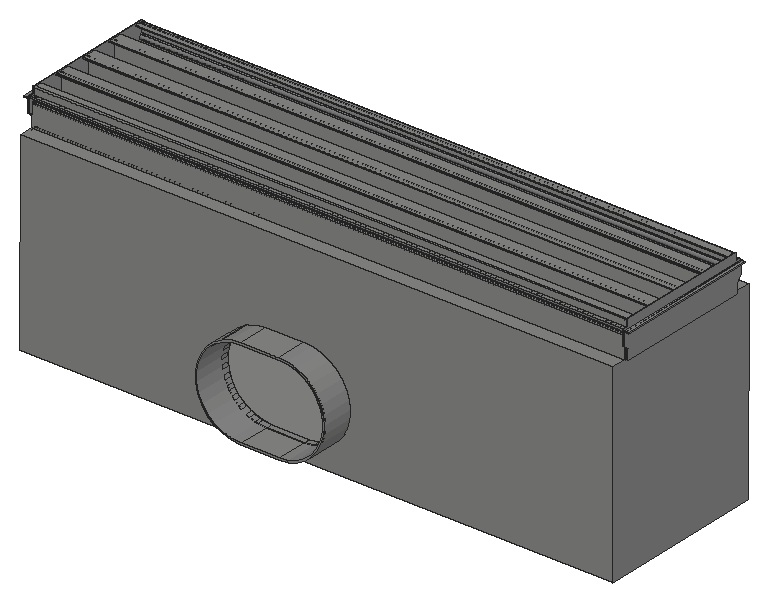
Revit family "Diffuser-Carnes-T_Bar_Mount-4-Slot-DGDB", category Duct Accessories, host Face, Revit 2014
Parameters (values of type "See Type Catalog")
  Supply Connector = yes
  Supply Connection = "Diffuser Supply Connector"  # constant formula
  Subcatagory = "Air Distribution"  # constant formula
  Specification Sheet = "http://www.carnes.com/AirDistribution/pdf/13101.pdf"
  Revit Object Download Link = "http://library.smartbim.com/download/Diffuser-Carnes-T_Bar_Mount-4-Slot-DGDB"
  Product Page URL = "http://www.carnes.com/AirDistribution/dgda.phtml"
  Length = 24"
  Inlet Nominal Size Width = 5"
  Inlet Nominal Size Height D = if(Inlet Nominal Size Width > 6", 5 1/4", 3 1/2")  # 3 1/2"
  Height = 9 1/16"  # constant formula
  Flow = 0 CFM
  Description = "Extruded Aluminum 4 Slot Diffuser 9/16In T-Bar Tegular Mount"  # constant formula
  Profile Depth = 5.75918"
  URL = "http://www.carnes.com/"
  Model = "DGDB"  # constant formula
  Unit = Metal - Carnes - Steel Galvanized
  Manufacturer = "CARNES COMPANY"  # constant formula
  Depth = 2 3/4"
  Default Elevation = 0"
  D Depth = 6 11/16"
  Catalog = "http://www.carnes.com/AirDistribution/pdf/a462-465.pdf"
  Box Length = Length - 1/2"  # 23 1/2"
  B Radius = Inlet Width + 3"  # 9 1/2"
  Inlet Width = 6 1/2"
  Assembly Code = ""
  Inlet Offset = 10 1/2"
  95 CSI = ""
  04 CSI = ""
Reference planes (in)
  plane 1 "Center (Front/Back)": y = 0
  plane 2: z = 0
  plane 3 "Center (Left/Right)": x = 0.94
  plane 4: z = -1.25
  plane 5: y = 2.87959
  plane 6: y = -2.87959
  plane 7: z = 1.44451
  plane 8: x = -11.06
  plane 9: x = 12.94
  plane 10: z = -8.05549
  plane 11: z = -9.0625
Forms (in)
  Extrusion 1, void
    sketch origin (0.94, 0, 0) x (0, 1, 0) y (0, 0, 1)
      loop
        line (-2.87959, 1.44451) -> (-2.87959, -8.05549) -> (2.87959, -8.05549) -> (2.87959, 1.44451) -> (-2.87959, 1.44451)
    from -12 to 12
Dimensions and locks (in)
  locked: plane 2 to plane 4 at 1.25
  equal spacing: plane 6, plane 1 "Center (Front/Back)", plane 5
  "Profile Depth": plane 6 to plane 5
  locked: plane 7 to host face at 1.44451
  equal spacing: plane 8, plane 3 "Center (Left/Right)", plane 9
  "Length": plane 8 to plane 9
  plane 2 to plane 10 = 8.05549"
  "Height": plane 2 to plane 11
  equal spacing: host sketch curve, plane 1 "Center (Front/Back)", host sketch curve
  equal spacing: host sketch curve, plane 3 "Center (Left/Right)", host sketch curve
  aligned and locked: plane 2 to host face
  aligned and locked: level to host face
  aligned and locked: Extrusion 1 to plane 7
  aligned and locked: Extrusion 1 to plane 10
  aligned and locked: plane 9 to Extrusion 1
  aligned and locked: plane 8 to Extrusion 1
  aligned and locked: plane 5 to Extrusion 1 sketch curve
  aligned and locked: Extrusion 1 sketch curve to plane 6
  aligned and locked: plane 1 "Center (Front/Back)" to nested 1
  aligned and locked: plane 1 "Center (Front/Back)" to nested 2
  aligned and locked: nested 1 to plane 3 "Center (Left/Right)"
  aligned and locked: nested 2 to plane 3 "Center (Left/Right)"
Automatic sketch dimensions
  Extrusion 1 sketch curve to plane 10 = 0"
  plane 7 to Extrusion 1 sketch curve = 0"
Nested families (in)
  nested 1: "CXPC" at (1.88, 0, 0.05188) x (-1, 0, 0) z (0, 0, -1), type "Parametric"
  nested 2: "602-1071" at (1.88, 0, -1.23748) x (-1, 0, 0) z (0, 0, -1), type "Slot 4"
Connectors (in)
  hvac at (-0.31, -4.59375, -6.58911), driven by "Inlet Nominal Size Height D", driven by "Inlet Nominal Size Width", driven by "Supply Connector", driven by "Supply Connection"
    settings: on nested 1, index 1, duct flow 0 CFM, flow factor 0, pres drop 0.00 in-wg, loss coef 0, conn angle 0.00°, conn width 5", conn height 3 1/2", conn diameter 24", duct sys type 1, conn prof type 2, flow config 1, flow direction 1, loss method 0, conn ref index -1, conn util yes, is conn primary yes, conn desc "Diffuser Supply Connector"
Definition of nested family "CXPC"
  Parameters (values of type "Parametric")
    Slot Width = 5 1/2"
    Inlet Nominal Size Width = 5"
    Inlet Nominal Size Height D = if(Inlet Nominal Size Width > 6", 5 1/4", 3 1/2")  # 3 1/2"
    Half Inlet Width = Inlet Nominal Size Width / 2  # 2 1/2"
    Length = 23 1/2"
    Depth = 6 11/16"
    Height = 9 1/16"  # constant formula
    URL = "http://www.carnes.com/"
    Model = "DGAA"  # constant formula
    Unit = Metal - Carnes - Steel Galvanized
    Manufacturer = ""
    Default Elevation = 0"
    B Radius = B + 3"  # 9 1/2"
    B = 6 1/2"
    Assembly Code = ""
    A = 10 1/2"
    95 CSI = ""
    04 CSI = ""
  Reference planes (in)
    plane 1 "Center (Front/Back)": y = 0
    plane 2: z = 0
    plane 3 "Center (Left/Right)": x = 0.94
    plane 4: x = -10.81
    plane 5: x = 12.69
    plane 6: z = 9.0625
    plane 7: z = 8.5625
    plane 8: z = 6.5
    plane 9: x = -10.7475
    plane 10: x = 12.6275
    plane 11: z = -18
    plane 12: y = 3.34375
    plane 13: y = 3.09375
    plane 14: y = -3.34375
    plane 15: y = -3.09375
    plane 16: y = -4.59375
    plane 17: x = 2.19
    plane 18: z = 0.84375
    plane 19: y = -2.75
    plane 20: y = 2.75
    plane 21: z = 8.39099
    plane 22: z = 4.89099
  Forms (in)
    Extrusion 1, solid
      sketch origin (0, 0, 0) x (1, 0, 0) y (0, 1, 0)
        loop
          line (-15.78917, 6.26042) -> (-15.78917, -6.26042) -> (17.66917, -6.26042) -> (17.66917, 6.26042) -> (-15.78917, 6.26042)
      from 0 to -1
    Extrusion 2, solid, material "Metal - Carnes - Steel Galvanized" <- "Unit"
      sketch origin (0, 0, 0) x (1, 0, 0) y (0, 0, 1)
        loop
          line (-10.81, 9.0625) -> (-10.81, 8.5625) -> (12.69, 8.5625) -> (12.69, 9.0625) -> (-10.81, 9.0625)
      from -3.09375 to 3.09375
    Extrusion 3, solid, material "Metal - Carnes - Steel Galvanized" <- "Unit"
      sketch origin (0, 0, 0) x (1, 0, 0) y (0, 1, 0)
        loop
          line (-10.81, 3.34375) -> (-10.81, 3.09375) -> (12.69, 3.09375) -> (12.69, 3.34375) -> (-10.81, 3.34375)
        loop
          line (-10.81, -3.09375) -> (-10.81, -3.34375) -> (12.69, -3.34375) -> (12.69, -3.09375) -> (-10.81, -3.09375)
      from 1.4375 to 9.0625
    Sweep 4, solid, material "Metal - Carnes - Steel Galvanized" <- "Unit"
      path in 3D
        loop
          line (-10.81, -3.09375, 1.4375) -> (12.69, -3.09375, 1.4375)
      profile origin (0.94, -3.09375, 1.4375) x (0, -1, 0) y (0, 0, -1)
        loop
          line (-5.84375, 0) -> (-5.84375, 0.89784)
          arc (-5.84375, 0.89784) -> (-5.81304, 0.92855) -> (-5.78233, 0.89784) r 0.03071
          line (-5.78233, 0.89784) -> (-5.78233, 0.83461) -> (-5.75108, 0.83461) -> (-5.75108, 0.89765)
          arc (-5.75108, 0.89765) -> (-5.81305, 0.95963) -> (-5.87503, 0.89765) r 0.06198
          line (-5.87503, 0.89765) -> (-5.87503, 0.03125) -> (-6.4375, 0.03125) -> (-6.4375, 0) -> (-5.84375, 0)
        loop
          line (-0.34375, 0) -> (0.25, 0) -> (0.25, 0.03125) -> (-0.31247, 0.03125) -> (-0.31247, 0.89765)
          arc (-0.31247, 0.89765) -> (-0.37445, 0.95963) -> (-0.43642, 0.89765) r 0.06198
          line (-0.43642, 0.89765) -> (-0.43642, 0.83461) -> (-0.40517, 0.83461) -> (-0.40517, 0.89784)
          arc (-0.40517, 0.89784) -> (-0.37446, 0.92855) -> (-0.34375, 0.89784) r 0.03071
          line (-0.34375, 0.89784) -> (-0.34375, 0)
    Extrusion 5, solid, material "Metal - Carnes - Steel Galvanized" <- "Unit"
      sketch origin (12.69, 0, 9.0625) x (0, 0, -1) y (0, 1, 0)
        loop
          line (0, -3.34375) -> (7.625, -3.34375) -> (7.625, 3.34375) -> (0, 3.34375) -> (0, -3.34375)
      from -0.0625 to 0
    Extrusion 6, solid, material "Metal - Carnes - Steel Galvanized" <- "Unit"
      sketch origin (-10.81, 0, 9.0625) x (0, 0, -1) y (0, -1, 0)
        loop
          line (0, 3.34375) -> (0, -3.34375) -> (7.625, -3.34375) -> (7.625, 3.34375) -> (0, 3.34375)
      from -0.0625 to 0
    Extrusion 7, void
      sketch origin (0, 0, 0) x (1, 0, 0) y (0, 0, 1)
        loop
          arc (1.44, 8.39099) -> (-0.31, 6.64099) -> (1.44, 4.89099) r 1.75
          line (1.44, 4.89099) -> (2.94, 4.89099)
          arc (2.94, 4.89099) -> (4.69, 6.64099) -> (2.94, 8.39099) r 1.75
          line (2.94, 8.39099) -> (1.44, 8.39099)
      from 3.34375 to 1.34378
    Extrusion 8, solid, material "Metal - Carnes - Steel Galvanized" <- "Unit"
      sketch origin (-11.06, -0.875, 0) x (1, 0, 0) y (0, 0, 1)
        loop
          arc (12.5, 8.39099) -> (10.75, 6.64099) -> (12.5, 4.89099) r 1.75
          line (12.5, 4.89099) -> (14, 4.89099)
          arc (14, 4.89099) -> (15.75, 6.64099) -> (14, 8.39099) r 1.75
          line (14, 8.39099) -> (12.5, 8.39099)
        loop
          arc (12.5, 8.45349) -> (10.6875, 6.64099) -> (12.5, 4.82849) r 1.8125
          line (12.5, 4.82849) -> (14, 4.82849)
          arc (14, 4.82849) -> (15.8125, 6.64099) -> (14, 8.45349) r 1.8125
          line (14, 8.45349) -> (12.5, 8.45349)
      from 2.21875 to 3.71875
  Cuts and joins
    Extrusion 7 cuts Extrusion 2
    Extrusion 7 cuts Extrusion 3
    Extrusion 7 cuts Sweep 4
    Extrusion 7 cuts Extrusion 5
    Extrusion 7 cuts Extrusion 6
    joined: Extrusion 2, Extrusion 3, Sweep 4, Extrusion 5, Extrusion 6
  Lines and regions (in)
    Masking region 1
      outline origin (0, 0, 0) x (1, 0, 0) y (0, 1, 0)
        loop
          line (4.69, -4.59375) -> (4.69, -3.34375) -> (-0.31, -3.34375) -> (-0.31, -4.59375) -> (4.69, -4.59375)
    sketch lines
      curve 1: line (-10.81, -3.09375, 1.4375) -> (12.69, -3.09375, 1.4375)
    symbolic lines, style "Diffuser"
      curve 2: line (-10.81, 3.34375, 0) -> (12.69, 3.34375, 0)
      curve 3: line (-10.81, -3.34375, 0) -> (-10.81, 3.34375, 0)
      curve 4: line (12.69, -3.34375, 0) -> (-10.81, -3.34375, 0)
      curve 5: line (12.69, 3.34375, 0) -> (12.69, -3.34375, 0)
  Dimensions and locks (in)
    equal spacing: plane 4, plane 3 "Center (Left/Right)", plane 5
    "Length": plane 4 to plane 5
    "Height": plane 6 to plane 2
    locked: plane 6 to plane 7 at 0.5
    level to plane 11 = 18"
    plane 6 to Extrusion 1 = 9 1/16"
    plane 8 to Extrusion 1 = 6 1/2"
    locked: plane 16 to plane 14 at 1.25
    "Depth": plane 12 to plane 14
    locked: plane 15 to plane 14 at 0.25
    locked: plane 12 to plane 13 at 0.25
    equal spacing: plane 12, plane 1 "Center (Front/Back)", plane 14
    locked: plane 10 to plane 5 at 0.0625
    locked: plane 9 to plane 4 at 0.0625
    "B": plane 8 to plane 2
    "A": plane 17 to plane 5
    locked: plane 18 to plane 2 at 0.84375
    Sweep 4 sketch curve to plane 18 to Sweep 4 sketch curve to Sweep 4 sketch curve to Sweep 4 sketch curve = 9/16" locked, 0.24086" locked, 0.09394" locked, 0.03107" locked  (x2)
    Sweep 4 sketch curve to Sweep 4 sketch curve to plane 19 to Sweep 4 sketch curve = 1/32" locked, 0.06142" locked, 0.03128" locked
    Sweep 4 sketch curve to plane 20 to Sweep 4 sketch curve to Sweep 4 sketch curve = 0.03128" locked, 0.06142" locked, 1/32" locked
    equal spacing: plane 20, plane 1 "Center (Front/Back)", plane 19
    "Slot Width": plane 20 to plane 19
    "Half Inlet Width": plane 17 to Extrusion 8 sketch curve
    "Half Inlet Width": Extrusion 8 sketch curve to plane 17
    "Inlet Nominal Size Height D": plane 21 to plane 22
    equal spacing: Extrusion 1 sketch curve, plane 1 "Center (Front/Back)", Extrusion 1 sketch curve
    equal spacing: Extrusion 1 sketch curve, plane 3 "Center (Left/Right)", Extrusion 1 sketch curve
    equal spacing: Masking region 1 sketch curve, plane 17, Masking region 1 sketch curve
    "Inlet Nominal Size Width": Masking region 1 sketch curve to Masking region 1 sketch curve
    aligned and locked: plane 2 to Extrusion 1
    aligned and locked: level to Extrusion 1
    aligned and locked: Extrusion 2 sketch curve to plane 6
    aligned and locked: Extrusion 2 sketch curve to plane 7
    aligned and locked: Extrusion 2 sketch curve to plane 4
    aligned and locked: plane 5 to Extrusion 2 sketch curve
    aligned and locked: Extrusion 3 sketch curve to plane 12
    aligned and locked: Extrusion 3 sketch curve to plane 13
    aligned and locked: plane 15 to Extrusion 3 sketch curve
    aligned and locked: plane 14 to Extrusion 3 sketch curve
    aligned and locked: Extrusion 3 sketch curve to plane 4
    aligned and locked: plane 5 to Extrusion 3 sketch curve
    aligned and locked: plane 6 to Extrusion 3
    aligned and locked: Extrusion 2 to Extrusion 3  (x2)
    aligned and locked: plane 10 to Extrusion 5
    aligned and locked: Extrusion 5 to plane 5
    aligned and locked: Extrusion 6 sketch curve to cut or joined group of Extrusion 2, Extrusion 3, Sweep 4, Extrusion 5, Extrusion 6, Extrusion 7  (x2)
    aligned and locked: cut or joined group of Extrusion 2, Extrusion 3, Sweep 4, Extrusion 5, Extrusion 6, Extrusion 7 to Extrusion 6 sketch curve
    aligned and locked: plane 9 to Extrusion 6
    aligned and locked: Extrusion 6 to plane 4
    aligned and locked: plane 5 to cut or joined group of Extrusion 2, Extrusion 3, Sweep 4, Extrusion 5, Extrusion 6, Extrusion 7
    aligned and locked: Extrusion 7 to plane 14
    aligned and locked: Extrusion 6 to Extrusion 3
    aligned and locked: cut or joined group of Extrusion 2, Extrusion 3, Sweep 4, Extrusion 5, Extrusion 6, Extrusion 7 to cut or joined group of Extrusion 2, Extrusion 3, Sweep 4, Extrusion 5, Extrusion 6, Extrusion 7
    aligned and locked: plane 12 to Sweep 4 sketch curve
    aligned and locked: Sweep 4 sketch curve to plane 14
    aligned and locked: plane 19 to Sweep 4 sketch curve
    aligned and locked: Sweep 4 sketch curve to plane 20
    aligned and locked: Extrusion 8 to plane 16
    aligned and locked: cut or joined group of Extrusion 2, Extrusion 3, Sweep 4, Extrusion 5, Extrusion 6, Extrusion 7 to Extrusion 8
    aligned and locked: Extrusion 7 sketch curve to Extrusion 8  (x2)
    aligned and locked: Extrusion 8 sketch curve to plane 21
    aligned and locked: plane 22 to Extrusion 8 sketch curve
    aligned and locked: curve 2 to cut or joined group of Extrusion 2, Extrusion 3, Sweep 4, Extrusion 5, Extrusion 6, Extrusion 7
    aligned and locked: curve 3 to cut or joined group of Extrusion 2, Extrusion 3, Sweep 4, Extrusion 5, Extrusion 6, Extrusion 7
    aligned and locked: curve 4 to cut or joined group of Extrusion 2, Extrusion 3, Sweep 4, Extrusion 5, Extrusion 6, Extrusion 7
    aligned and locked: curve 5 to cut or joined group of Extrusion 2, Extrusion 3, Sweep 4, Extrusion 5, Extrusion 6, Extrusion 7
  Automatic sketch dimensions
    Extrusion 3 sketch curve to plane 4 = 0"
    Extrusion 3 sketch curve to plane 5 = 0"
    Extrusion 2 to Extrusion 5 sketch curve = 0"
    Extrusion 5 sketch curve to Extrusion 2 = 1/4"  (x2)
    Extrusion 5 sketch curve to Extrusion 2 = 7 1/8"
    Extrusion 2 to Extrusion 6 sketch curve = 7 1/8"
    profile plane to Sweep 4 sketch curve = 0"  (x2)
    Extrusion 8 sketch curve to Extrusion 8 sketch curve = 0"  (x3)
    Extrusion 8 sketch curve to Extrusion 8 sketch curve = 1/16"
    Masking region 1 sketch curve to plane 16 = 0"
    plane 14 to Masking region 1 sketch curve = 0"
Definition of nested family "602-1071"
  Parameters (values of type "Slot 4")
    Supply Connector = yes
    Supply Connection = ""
    Subcatagory = ""
    Specification Sheet = ""
    Product Page URL = ""
    Length = 24"
    URL = ""
    Model = "602-1071"  # constant formula
    Unit = Metal - Carnes - Steel Galvanized
    Manufacturer = ""
    Height = 1.44451"
    Flow = 0 CFM
    Description = ""
    Depth = 5.75918"
    Default Elevation = 0"
    Catalog = ""
    Assembly Code = ""
    95 CSI = ""
    04 CSI = ""
  Reference planes (in)
    plane 1 "Center (Front/Back)": y = 0
    plane 2: z = 0
    plane 3 "Center (Left/Right)": x = 0.94
    plane 4: z = -1.25
    plane 5: x = -11.06
    plane 6: x = 12.94
    plane 7: y = 2.87959
    plane 8: y = -2.87959
    plane 9: z = 1.44451
  Forms (in)
    Extrusion 1, solid
      sketch origin (0, 0, 0) x (1, 0, 0) y (0, 1, 0)
        loop
          line (-12.435, 4.12959) -> (-12.435, -4.12959) -> (14.315, -4.12959) -> (14.315, 4.12959) -> (-12.435, 4.12959)
      from 0 to -1
  Dimensions and locks (in)
    locked: plane 2 to plane 4 at 1.25
    equal spacing: plane 8, plane 1 "Center (Front/Back)", plane 7
    "Depth": plane 8 to plane 7
    equal spacing: plane 5, plane 3 "Center (Left/Right)", plane 6
    "Length": plane 5 to plane 6
    "Height": plane 9 to Extrusion 1
    equal spacing: Extrusion 1 sketch curve, plane 3 "Center (Left/Right)", Extrusion 1 sketch curve
    equal spacing: Extrusion 1 sketch curve, plane 1 "Center (Front/Back)", Extrusion 1 sketch curve
    aligned and locked: plane 2 to Extrusion 1
    aligned and locked: level to Extrusion 1
    aligned and locked: plane 3 "Center (Left/Right)" to nested 1
    aligned and locked: plane 1 "Center (Front/Back)" to nested 1
  Nested families (in)
    nested 1: "602-1071-4Slot" at (0, 0, -1.29324), type "Standard"
  Definition of nested family "602-1071-4Slot"
    Parameters (values of type "Standard")
      Length = 24"
      URL = ""
      Model = ""
      Unit = Metal - Carnes - Steel Galvanized
      Manufacturer = ""
      Height = 1.44451"
      Depth = 5.75918"
      Default Elevation = 0"
      Assembly Code = ""
      95 CSI = ""
      04 CSI = ""
    Reference planes (in)
      plane 1 "Center (Front/Back)": y = 0
      plane 2: z = 0
      plane 3 "Center (Left/Right)": x = 0.94
      plane 4: x = -11.06
      plane 5: x = 12.94
      plane 6: x = -10.84199
      plane 7: x = 12.72199
      plane 8: y = 2.87959
      plane 9: y = -2.87959
      plane 10: z = 1.44451
      plane 11: x = -10.80684
      plane 12: x = 12.68684
    Forms (in)
      Extrusion 1, solid
        sketch origin (0, -5, 0) x (1, 0, 0) y (0, 1, 0)
          loop
            line (-48, 48) -> (-48, -48) -> (48, -48) -> (48, 48) -> (-48, 48)
        from 0 to -1
      Sweep 2, solid, material "Metal - Carnes - Steel Galvanized" <- "Unit"
        path origin (0, 0, 0) x (1, 0, 0) y (0, 0, 1)
          loop
            line (-10.80684, 0) -> (12.68684, 0)
        profile origin (0.94, 0, 0) x (0, 0, 1) y (0, -1, 0)
          loop
            line (1.17031, -2.14973) -> (1.16891, -2.58531)
            arc (1.16891, -2.58531) -> (1.16209, -2.60161) -> (1.14575, -2.60832) r 0.02309
            line (1.14575, -2.60832) -> (0.65319, -2.60674)
            arc (0.65319, -2.60674) -> (0.63447, -2.60175) -> (0.62061, -2.58821) r 0.03812
            arc (0.62061, -2.58821) -> (0.52995, -2.53433) -> (0.43514, -2.58052) r 0.11105
            arc (0.43514, -2.58052) -> (0.41359, -2.59909) -> (0.38594, -2.60577) r 0.06056
            line (0.38594, -2.60577) -> (0.08654, -2.60577)
            arc (0.08654, -2.60577) -> (0.06478, -2.59675) -> (0.05576, -2.57498) r 0.03078
            line (0.05576, -2.57498) -> (0.05576, -2.36989)
            arc (0.05576, -2.36989) -> (0.04953, -2.35486) -> (0.0345, -2.34863) r 0.02126
            line (0.0345, -2.34863) -> (0, -2.34863) -> (0, -2.64505)
            arc (0, -2.64505) -> (0.01092, -2.67142) -> (0.0373, -2.68234) r 0.0373
            line (0.0373, -2.68234) -> (0.28378, -2.68234) -> (0.28378, -2.84861)
            arc (0.28378, -2.84861) -> (0.30876, -2.87363) -> (0.33382, -2.84869) r 0.02502
            line (0.33382, -2.84869) -> (0.33425, -2.71504)
            arc (0.33425, -2.71504) -> (0.34204, -2.69637) -> (0.36073, -2.68864) r 0.02648
            line (0.36073, -2.68864) -> (0.39677, -2.68864)
            arc (0.39677, -2.68864) -> (0.4183, -2.69547) -> (0.43198, -2.71344) r 0.03739
            arc (0.43198, -2.71344) -> (0.44909, -2.73065) -> (0.47327, -2.72845) r 0.02853
            arc (0.47327, -2.72845) -> (0.48218, -2.71459) -> (0.47626, -2.69921) r 0.01822
            arc (0.47626, -2.69921) -> (0.52078, -2.57949) -> (0.57058, -2.69711) r 0.06872
            arc (0.57058, -2.69711) -> (0.57004, -2.72666) -> (0.59957, -2.72789) r 0.02114
            arc (0.59957, -2.72789) -> (0.61902, -2.70493) -> (0.6316, -2.67758) r 0.11105
            arc (0.6316, -2.67758) -> (0.64096, -2.6643) -> (0.6564, -2.6592) r 0.02592
            line (0.6564, -2.6592) -> (1.42449, -2.6592)
            arc (1.42449, -2.6592) -> (1.44949, -2.6342) -> (1.42449, -2.6092) r 0.025
            line (1.42449, -2.6092) -> (1.26341, -2.6092)
            arc (1.26341, -2.6092) -> (1.24216, -2.6004) -> (1.23335, -2.57914) r 0.03006
            line (1.23335, -2.57914) -> (1.23335, -2.14983)
            arc (1.23335, -2.14983) -> (1.20188, -2.11831) -> (1.17031, -2.14973) r 0.03152
          loop
            arc (1.13204, -1.3433) -> (1.15981, -1.35481) -> (1.17131, -1.38258) r 0.03927
            line (1.17131, -1.38258) -> (1.17131, -1.83811) -> (1.23563, -1.83811) -> (1.23563, -0.84608) -> (1.1746, -0.84608) -> (1.1746, -1.26025)
            arc (1.1746, -1.26025) -> (1.16493, -1.28358) -> (1.1416, -1.29324) r 0.03299
            line (1.1416, -1.29324) -> (0.09703, -1.29324)
            arc (0.09703, -1.29324) -> (0.07014, -1.28211) -> (0.05901, -1.25522) r 0.03802
            line (0.05901, -1.25522) -> (0.05901, -1.05845)
            arc (0.05901, -1.05845) -> (0.05174, -1.04089) -> (0.03419, -1.03362) r 0.02482
            line (0.03419, -1.03362) -> (0, -1.03362) -> (0, -1.59563) -> (0.03724, -1.59563)
            arc (0.03724, -1.59563) -> (0.05263, -1.58925) -> (0.05901, -1.57386) r 0.02176
            line (0.05901, -1.57386) -> (0.05901, -1.3726)
            arc (0.05901, -1.3726) -> (0.06759, -1.35188) -> (0.08831, -1.3433) r 0.0293
            line (0.08831, -1.3433) -> (1.13204, -1.3433)
          loop
            arc (1.17031, 2.14973) -> (1.20188, 2.11831) -> (1.23335, 2.14983) r 0.03152
            line (1.23335, 2.14983) -> (1.23335, 2.57914)
            arc (1.23335, 2.57914) -> (1.24216, 2.6004) -> (1.26341, 2.6092) r 0.03006
            line (1.26341, 2.6092) -> (1.42449, 2.6092)
            arc (1.42449, 2.6092) -> (1.44949, 2.6342) -> (1.42449, 2.6592) r 0.025
            line (1.42449, 2.6592) -> (0.6564, 2.6592)
            arc (0.6564, 2.6592) -> (0.64096, 2.6643) -> (0.6316, 2.67758) r 0.02592
            arc (0.6316, 2.67758) -> (0.61902, 2.70493) -> (0.59957, 2.72789) r 0.11105
            arc (0.59957, 2.72789) -> (0.57004, 2.72666) -> (0.57058, 2.69711) r 0.02114
            arc (0.57058, 2.69711) -> (0.52078, 2.57949) -> (0.47626, 2.69921) r 0.06872
            arc (0.47626, 2.69921) -> (0.48218, 2.71459) -> (0.47327, 2.72845) r 0.01822
            arc (0.47327, 2.72845) -> (0.44909, 2.73065) -> (0.43198, 2.71344) r 0.02853
            arc (0.43198, 2.71344) -> (0.4183, 2.69547) -> (0.39677, 2.68864) r 0.03739
            line (0.39677, 2.68864) -> (0.36073, 2.68864)
            arc (0.36073, 2.68864) -> (0.34204, 2.69637) -> (0.33425, 2.71504) r 0.02648
            line (0.33425, 2.71504) -> (0.33382, 2.84869)
            arc (0.33382, 2.84869) -> (0.30876, 2.87363) -> (0.28378, 2.84861) r 0.02502
            line (0.28378, 2.84861) -> (0.28378, 2.68234) -> (0.0373, 2.68234)
            arc (0.0373, 2.68234) -> (0.01092, 2.67142) -> (0, 2.64505) r 0.0373
            line (0, 2.64505) -> (0, 2.34863) -> (0.0345, 2.34863)
            arc (0.0345, 2.34863) -> (0.04953, 2.35486) -> (0.05576, 2.36989) r 0.02126
            line (0.05576, 2.36989) -> (0.05576, 2.57498)
            arc (0.05576, 2.57498) -> (0.06478, 2.59675) -> (0.08654, 2.60577) r 0.03078
            line (0.08654, 2.60577) -> (0.38594, 2.60577)
            arc (0.38594, 2.60577) -> (0.41359, 2.59909) -> (0.43514, 2.58052) r 0.06056
            arc (0.43514, 2.58052) -> (0.52995, 2.53433) -> (0.62061, 2.58821) r 0.11105
            arc (0.62061, 2.58821) -> (0.63447, 2.60175) -> (0.65319, 2.60674) r 0.03812
            line (0.65319, 2.60674) -> (1.12897, 2.60827)
            arc (1.12897, 2.60827) -> (1.1572, 2.59669) -> (1.16896, 2.56854) r 0.03986
            line (1.16896, 2.56854) -> (1.17031, 2.14973)
          loop
            line (1.13204, 1.3433) -> (0.08831, 1.3433)
            arc (0.08831, 1.3433) -> (0.06759, 1.35188) -> (0.05901, 1.3726) r 0.0293
            line (0.05901, 1.3726) -> (0.05901, 1.57386)
            arc (0.05901, 1.57386) -> (0.05263, 1.58925) -> (0.03724, 1.59563) r 0.02176
            line (0.03724, 1.59563) -> (0, 1.59563) -> (0, 1.03362) -> (0.03419, 1.03362)
            arc (0.03419, 1.03362) -> (0.05174, 1.04089) -> (0.05901, 1.05845) r 0.02482
            line (0.05901, 1.05845) -> (0.05901, 1.25522)
            arc (0.05901, 1.25522) -> (0.07014, 1.28211) -> (0.09703, 1.29324) r 0.03802
            line (0.09703, 1.29324) -> (1.1416, 1.29324)
            arc (1.1416, 1.29324) -> (1.16493, 1.28358) -> (1.1746, 1.26025) r 0.03299
            line (1.1746, 1.26025) -> (1.1746, 0.84608) -> (1.23563, 0.84608) -> (1.23563, 1.83811) -> (1.17131, 1.83811) -> (1.17131, 1.38258)
            arc (1.17131, 1.38258) -> (1.15981, 1.35481) -> (1.13204, 1.3433) r 0.03927
          loop
            line (1.13204, 0.02465) -> (0.08831, 0.02465)
            arc (0.08831, 0.02465) -> (0.06759, 0.03323) -> (0.05901, 0.05395) r 0.0293
            line (0.05901, 0.05395) -> (0.05901, 0.25521)
            arc (0.05901, 0.25521) -> (0.05263, 0.2706) -> (0.03724, 0.27697) r 0.02176
            line (0.03724, 0.27697) -> (0, 0.27697) -> (0, -0.28503) -> (0.03419, -0.28503)
            arc (0.03419, -0.28503) -> (0.05174, -0.27776) -> (0.05901, -0.26021) r 0.02482
            line (0.05901, -0.26021) -> (0.05901, -0.06344)
            arc (0.05901, -0.06344) -> (0.07014, -0.03655) -> (0.09703, -0.02542) r 0.03802
            line (0.09703, -0.02542) -> (1.1416, -0.02542)
            arc (1.1416, -0.02542) -> (1.16493, -0.03508) -> (1.1746, -0.05841) r 0.03299
            line (1.1746, -0.05841) -> (1.1746, -0.47258) -> (1.23563, -0.47258) -> (1.23563, 0.51945) -> (1.17131, 0.51945) -> (1.17131, 0.06392)
            arc (1.17131, 0.06392) -> (1.15981, 0.03615) -> (1.13204, 0.02465) r 0.03927
      Sweep 3, solid, material "Metal - Carnes - Steel Galvanized" <- "Unit"
        path origin (0.94, 0, 0) x (0, 1, 0) y (0, 0, 1)
          loop
            line (2.87959, 1.44451) -> (-2.87959, 1.44451)
        profile origin (0.94, 0, 1.44451) x (0, 0, -1) y (1, 0, 0)
          loop
            line (1.06748, -11.78199) -> (0, -11.78199) -> (0, -11.81789) -> (1.06623, -11.81789)
            arc (1.06623, -11.81789) -> (1.08839, -11.82707) -> (1.09757, -11.84923) r 0.03133
            line (1.09757, -11.84923) -> (1.09757, -12) -> (1.13347, -12) -> (1.13347, -11.84798)
            arc (1.13347, -11.84798) -> (1.11414, -11.80132) -> (1.06748, -11.78199) r 0.06599
          loop
            arc (1.06748, 11.78199) -> (1.11414, 11.80132) -> (1.13347, 11.84798) r 0.06599
            line (1.13347, 11.84798) -> (1.13347, 12) -> (1.09757, 12) -> (1.09757, 11.84923)
            arc (1.09757, 11.84923) -> (1.08839, 11.82707) -> (1.06623, 11.81789) r 0.03133
            line (1.06623, 11.81789) -> (0, 11.81789) -> (0, 11.78199) -> (1.06748, 11.78199)
      Extrusion 4, void
        sketch origin (0.94, 0, 0) x (0, 1, 0) y (0, 0, 1)
          loop
            line (2.69581, 1.38825) -> (2.69488, 1.09922)
            arc (2.69488, 1.09922) -> (2.70491, 1.04791) -> (2.73381, 1.00435) r 0.13398
            line (2.73381, 1.00435) -> (2.89522, 0.84191) -> (2.89522, 1.44451) -> (2.63973, 1.44451)
            arc (2.63973, 1.44451) -> (2.67945, 1.42802) -> (2.69581, 1.38825) r 0.05608
          loop
            arc (-2.69581, 1.38825) -> (-2.67945, 1.42802) -> (-2.63973, 1.44451) r 0.05608
            line (-2.63973, 1.44451) -> (-2.89522, 1.44451) -> (-2.89522, 0.84191) -> (-2.73381, 1.00435)
            arc (-2.73381, 1.00435) -> (-2.70491, 1.04791) -> (-2.69488, 1.09922) r 0.13398
            line (-2.69488, 1.09922) -> (-2.69581, 1.38825)
        from -12 to 12
      Sweep 5, solid, material "Metal - Carnes - Steel Galvanized" <- "Unit"
        path origin (0, 0, 0) x (1, 0, 0) y (0, 0, 1)
          loop
            line (-10.84199, 0.85764) -> (-10.80684, 0.85764)
        profile origin (-10.82442, 0, 0.85764) x (0, 0, 1) y (0, -1, 0)
          loop
            line (0.58687, 2.875) -> (-0.56079, 2.875)
            arc (-0.56079, 2.875) -> (-0.57888, 2.86751) -> (-0.58638, 2.84942) r 0.02558
            line (-0.58638, 2.84942) -> (-0.58638, 2.68234) -> (-0.83286, 2.68234)
            arc (-0.83286, 2.68234) -> (-0.85923, 2.67142) -> (-0.87016, 2.64505) r 0.0373
            line (-0.87016, 2.64505) -> (-0.87016, -2.68234) -> (-0.58638, -2.68234) -> (-0.58638, -2.84866)
            arc (-0.58638, -2.84866) -> (-0.57866, -2.86729) -> (-0.56004, -2.875) r 0.02634
            line (-0.56004, -2.875) -> (0.58687, -2.875) -> (0.58687, 2.875)
      Sweep 6, solid, material "Metal - Carnes - Steel Galvanized" <- "Unit"
        path origin (0, 0, 0) x (1, 0, 0) y (0, 0, 1)
          loop
            line (12.72199, 0.85764) -> (12.68684, 0.85764)
        profile origin (12.70442, 0, 0.85764) x (0, 0, -1) y (0, -1, 0)
          loop
            line (-0.58687, -2.875) -> (0.56004, -2.875)
            arc (0.56004, -2.875) -> (0.57866, -2.86729) -> (0.58638, -2.84866) r 0.02634
            line (0.58638, -2.84866) -> (0.58638, -2.68234) -> (0.83286, -2.68234)
            arc (0.83286, -2.68234) -> (0.85923, -2.67142) -> (0.87016, -2.64505) r 0.0373
            line (0.87016, -2.64505) -> (0.87016, 2.64505)
            arc (0.87016, 2.64505) -> (0.85923, 2.67142) -> (0.83286, 2.68234) r 0.0373
            line (0.83286, 2.68234) -> (0.58638, 2.68234) -> (0.58638, 2.84942)
            arc (0.58638, 2.84942) -> (0.57888, 2.86751) -> (0.56079, 2.875) r 0.02558
            line (0.56079, 2.875) -> (-0.58687, 2.875) -> (-0.58687, -2.875)
    Cuts and joins
      Extrusion 4 cuts Sweep 3
      Extrusion 4 cuts Sweep 5
      Extrusion 4 cuts Sweep 6
    Lines and regions (in)
      Masking region 1
        outline origin (0, 0, 0) x (1, 0, 0) y (0, 1, 0)
          loop
            line (-11.06136, 2.87959) -> (-11.06136, -2.87854) -> (12.94, -2.87854) -> (12.94, 2.87959) -> (-11.06136, 2.87959)
      symbolic lines, style "Diffuser"
        curve 1: line (-10.84199, -0.51945, 0) -> (12.72199, -0.51945, 0)
        curve 2: line (12.72199, -0.84608, 0) -> (-10.84199, -0.84608, 0)
        curve 3: line (-10.84199, -1.83814, 0) -> (12.72199, -1.83814, 0)
        curve 4: line (-10.84199, -2.12322, 0) -> (12.70884, -2.12322, 0)
        curve 5: line (-10.84199, 0.47258, 0) -> (12.72199, 0.47258, 0)
        curve 6: line (12.72199, 0.84608, 0) -> (-10.84199, 0.84608, 0)
        curve 7: line (-10.84199, 1.83911, 0) -> (12.72199, 1.83911, 0)
        curve 8: line (-10.84199, 2.11834, 0) -> (12.70884, 2.11834, 0)
        curve 9: line (12.72199, 2.73247, 0) -> (-10.84199, 2.73247, 0)
        curve 10: line (-10.84199, -2.87959, 0) -> (-10.84199, 2.87959, 0)
        curve 11: line (-10.87789, 2.87959, 0) -> (-10.87789, -2.87959, 0)
        curve 12: line (12.72199, -2.73247, 0) -> (12.72199, 2.87959, 0)
        curve 13: line (12.75789, 2.87959, 0) -> (12.75789, -2.87959, 0)
        curve 14: line (12.72199, -2.73247, 0) -> (-10.84199, -2.73247, 0)
    Dimensions and locks (in)
      equal spacing: plane 4, plane 3 "Center (Left/Right)", plane 5
      "Length": plane 4 to plane 5
      locked: plane 4 to plane 6 at 0.21801
      locked: plane 5 to plane 7 at 0.21801
      "Height": plane 10 to Extrusion 1
      equal spacing: plane 8, plane 1 "Center (Front/Back)", plane 9
      "Depth": plane 8 to plane 9
      locked: Sweep 5 sketch curve to Sweep 5 sketch curve at 0.03516
      locked: plane 6 to plane 11 at 0.03516
      locked: Sweep 6 sketch curve to Sweep 6 sketch curve at 0.03516
      locked: plane 12 to plane 7 at 0.03516
      aligned and locked: plane 2 to Extrusion 1
      aligned and locked: level to Extrusion 1
      aligned and locked: Sweep 3 sketch curve to plane 6
      aligned and locked: plane 7 to Sweep 3 sketch curve
      aligned and locked: plane 5 to Extrusion 4
      aligned and locked: plane 4 to Extrusion 4
      aligned and locked: plane 11 to Sweep 2 sketch curve
      aligned and locked: plane 12 to Sweep 2 sketch curve
      aligned and locked: plane 11 to Sweep 5 sketch curve
      aligned and locked: plane 12 to Sweep 6 sketch curve
    Automatic sketch dimensions
      Extrusion 1 sketch curve to Extrusion 1 sketch curve = 96"  (x2)
      Sweep 2 sketch curve to level = 0"
      Sweep 3 sketch curve to plane 9 = 0"
      Sweep 3 sketch curve to plane 8 = 0"
      plane 10 to Sweep 3 sketch curve = 0"
      Sweep 3 sketch curve to profile plane = 0"  (x2)
      Sweep 3 sketch curve to Sweep 3 sketch curve = 1.06623"
      Sweep 3 sketch curve to profile plane = 1.06623"
      Sweep 3 sketch curve to Sweep 3 sketch curve = 0.00125"  (x3)
      Sweep 3 sketch curve to Sweep 3 sketch curve = 0.03009"  (x2)
      Sweep 3 sketch curve to Sweep 3 sketch curve = 0.0359"  (x3)
      Sweep 3 sketch curve to Sweep 3 sketch curve = 0.15077"  (x2)
      plane 10 to Extrusion 4 sketch curve = 0"  (x2)
      plane 9 to Extrusion 4 sketch curve = 1/64"
      Extrusion 4 sketch curve to plane 9 = 0.05073"
      Extrusion 4 sketch curve to Extrusion 4 sketch curve = 0.09505"
      plane 10 to Extrusion 4 sketch curve = 0.05626"  (x2)
      Extrusion 4 sketch curve to plane 9 = 0.18378"
      Extrusion 4 sketch curve to Extrusion 4 sketch curve = 0.03894"  (x2)
      Extrusion 4 sketch curve to Extrusion 4 sketch curve = 0.05608"  (x2)
      Extrusion 4 sketch curve to plane 8 = 0.23986"
      Extrusion 4 sketch curve to plane 8 = 0.18471"
      Extrusion 4 sketch curve to plane 8 = 0.05073"
      plane 8 to Extrusion 4 sketch curve = 1/64"
      Extrusion 4 sketch curve to Extrusion 4 sketch curve = 0.28903"  (x2)
      Extrusion 4 sketch curve to Extrusion 4 sketch curve = 0.00043"  (x2)
      Extrusion 4 sketch curve to Extrusion 4 sketch curve = 0.16244"  (x2)
      Sweep 2 sketch curve to Sweep 2 sketch curve = 0"  (x17)
      profile plane to Sweep 2 sketch curve = 0"  (x5)
      Sweep 2 sketch curve to Sweep 2 sketch curve = 0.03419"  (x2)
      Sweep 2 sketch curve to profile plane = 0.03419"
      Sweep 2 sketch curve to profile plane = 0.0345"
      Sweep 2 sketch curve to Sweep 2 sketch curve = 0.0345"
      Sweep 2 sketch curve to Sweep 2 sketch curve = 0.03724"  (x3)
      Sweep 2 sketch curve to Sweep 2 sketch curve = 0.0373"
      Sweep 2 sketch curve to profile plane = 0.0373"
      Sweep 2 sketch curve to Sweep 2 sketch curve = 0.02126"
      Sweep 2 sketch curve to profile plane = 0.05576"
      Sweep 2 sketch curve to Sweep 2 sketch curve = 0.02482"  (x3)
      Sweep 2 sketch curve to Sweep 2 sketch curve = 0.02176"
      Sweep 2 sketch curve to profile plane = 0.05901"  (x2)
      Sweep 2 sketch curve to Sweep 2 sketch curve = 0.03078"  (x2)
      Sweep 2 sketch curve to Sweep 2 sketch curve = 0.0293"  (x3)
      Sweep 2 sketch curve to Sweep 2 sketch curve = 0.00872"  (x3)
      Sweep 2 sketch curve to profile plane = 0.28378"
      Sweep 2 sketch curve to Sweep 2 sketch curve = 0.19724"
      Sweep 2 sketch curve to Sweep 2 sketch curve = 0.02502"  (x4)
      Sweep 2 sketch curve to Sweep 2 sketch curve = 0.05047"  (x2)
      Sweep 2 sketch curve to Sweep 2 sketch curve = 0.02648"  (x2)
      Sweep 2 sketch curve to Sweep 2 sketch curve = 0.02521"  (x2)
      Sweep 2 sketch curve to Sweep 2 sketch curve = 0.03604"  (x2)
      Sweep 2 sketch curve to Sweep 2 sketch curve = 0.06207"  (x2)
      Sweep 2 sketch curve to Sweep 2 sketch curve = 0.00521"  (x2)
      Sweep 2 sketch curve to Sweep 2 sketch curve = 0.06347"  (x2)
      Sweep 2 sketch curve to Sweep 2 sketch curve = 0.00304"  (x2)
      Sweep 2 sketch curve to Sweep 2 sketch curve = 0.06312"  (x2)
      Sweep 2 sketch curve to Sweep 2 sketch curve = 0.06776"  (x2)
      Sweep 2 sketch curve to Sweep 2 sketch curve = 0.00012"  (x2)
      Sweep 2 sketch curve to Sweep 2 sketch curve = 0.07096"
      Sweep 2 sketch curve to Sweep 2 sketch curve = 0.00321"
      Sweep 2 sketch curve to Sweep 2 sketch curve = 0.47258"
      Sweep 2 sketch curve to Sweep 2 sketch curve = 0.00013"  (x2)
      Sweep 2 sketch curve to Sweep 2 sketch curve = 1.03501"  (x3)
      plane 1 "Center (Front/Back)" to Sweep 2 sketch curve = 0.02465"
      Sweep 2 sketch curve to Sweep 2 sketch curve = 0.00956"  (x3)
      Sweep 2 sketch curve to Sweep 2 sketch curve = 0.48935"
      Sweep 2 sketch curve to Sweep 2 sketch curve = 0.00007"  (x2)
      Sweep 2 sketch curve to Sweep 2 sketch curve = 0.02309"
      Sweep 2 sketch curve to Sweep 2 sketch curve = 0.03986"
      Sweep 2 sketch curve to Sweep 2 sketch curve = 0.00135"
      Sweep 2 sketch curve to Sweep 2 sketch curve = 0.0014"
      Sweep 2 sketch curve to Sweep 2 sketch curve = 0.03927"  (x2)
      Sweep 2 sketch curve to Sweep 2 sketch curve = 0.001"
      Sweep 2 sketch curve to Sweep 2 sketch curve = 0.03299"
      Sweep 2 sketch curve to Sweep 2 sketch curve = 0.00328"
      Sweep 2 sketch curve to Sweep 2 sketch curve = 0.03152"  (x3)
      Sweep 2 sketch curve to Sweep 2 sketch curve = 0.06445"
      Sweep 2 sketch curve to Sweep 2 sketch curve = 0.06103"  (x2)
      Sweep 2 sketch curve to Sweep 2 sketch curve = 0.06432"
      Sweep 2 sketch curve to Sweep 2 sketch curve = 0.03006"  (x2)
      Sweep 2 sketch curve to Sweep 2 sketch curve = 0.16108"  (x2)
      Sweep 2 sketch curve to plane 1 "Center (Front/Back)" = 0.02542"
      Sweep 2 sketch curve to Sweep 2 sketch curve = 0.19678"  (x3)
      Sweep 2 sketch curve to Sweep 2 sketch curve = 0.41417"
      Sweep 2 sketch curve to Sweep 2 sketch curve = 0.37351"
      Sweep 2 sketch curve to Sweep 2 sketch curve = 0.74859"
      Sweep 2 sketch curve to Sweep 2 sketch curve = 0.05006"  (x2)
      Sweep 2 sketch curve to Sweep 2 sketch curve = 0.20126"  (x3)
      Sweep 2 sketch curve to Sweep 2 sketch curve = 0.45553"  (x3)
      Sweep 2 sketch curve to Sweep 2 sketch curve = 0.31162"  (x2)
      Sweep 2 sketch curve to Sweep 2 sketch curve = 0.753"  (x2)
      Sweep 2 sketch curve to Sweep 2 sketch curve = 0.17532"  (x2)
      Sweep 2 sketch curve to Sweep 2 sketch curve = 0.02341"  (x2)
      Sweep 2 sketch curve to Sweep 2 sketch curve = 0.20509"  (x2)
      Sweep 2 sketch curve to Sweep 2 sketch curve = 0.42931"
      Sweep 2 sketch curve to Sweep 2 sketch curve = 0.00609"
      Sweep 2 sketch curve to Sweep 2 sketch curve = 0.03812"  (x2)
      Sweep 2 sketch curve to Sweep 2 sketch curve = 0.025"  (x2)
      Sweep 2 sketch curve to Sweep 2 sketch curve = 0.03928"
      Sweep 2 sketch curve to Sweep 2 sketch curve = 0.01392"  (x2)
      Sweep 2 sketch curve to Sweep 2 sketch curve = 0.00291"  (x2)
      Sweep 2 sketch curve to Sweep 2 sketch curve = 0.02592"  (x2)
      Sweep 2 sketch curve to Sweep 2 sketch curve = 0.08288"  (x2)
      Sweep 2 sketch curve to Sweep 2 sketch curve = 0.01519"  (x2)
      Sweep 2 sketch curve to Sweep 2 sketch curve = 0.03458"  (x2)
      Sweep 2 sketch curve to Sweep 2 sketch curve = 0.0089"  (x2)
      Sweep 2 sketch curve to Sweep 2 sketch curve = 0.0264"  (x2)
      Sweep 2 sketch curve to Sweep 2 sketch curve = 0.03739"  (x2)
      Sweep 2 sketch curve to Sweep 2 sketch curve = 0.13357"  (x2)
      Sweep 2 sketch curve to Sweep 2 sketch curve = 0.32663"
      Sweep 2 sketch curve to Sweep 2 sketch curve = 0.75665"
      Sweep 2 sketch curve to Sweep 2 sketch curve = 0.41868"
      Sweep 2 sketch curve to Sweep 2 sketch curve = 0.0106"
      Sweep 2 sketch curve to Sweep 2 sketch curve = 0.07007"
      plane 10 to Sweep 5 sketch curve = 0.58687"
      profile plane to Sweep 5 sketch curve = 0.87016"
      Sweep 5 sketch curve to Sweep 5 sketch curve = 0.0373"
      Sweep 5 sketch curve to Sweep 5 sketch curve = 0.24649"
      Sweep 5 sketch curve to Sweep 5 sketch curve = 0.28378"
      Sweep 5 sketch curve to Sweep 5 sketch curve = 0.02558"
      Sweep 5 sketch curve to Sweep 5 sketch curve = 0.02634"
      Sweep 5 sketch curve to profile plane = 0.58687"
      Sweep 5 sketch curve to plane 1 "Center (Front/Back)" = 2 7/8"
      Sweep 5 sketch curve to Sweep 5 sketch curve = 0.16632"
      plane 1 "Center (Front/Back)" to Sweep 5 sketch curve = 2.64505"
      Sweep 5 sketch curve to Sweep 5 sketch curve = 0.16707"
      plane 10 to Sweep 6 sketch curve = 0.58687"
      plane 1 "Center (Front/Back)" to Sweep 6 sketch curve = 2.68234"
      profile plane to Sweep 6 sketch curve = 0.58687"
      Sweep 6 sketch curve to Sweep 6 sketch curve = 0.27207"
      Sweep 6 sketch curve to Sweep 6 sketch curve = 0.22995"
      Sweep 6 sketch curve to plane 1 "Center (Front/Back)" = 2.68234"
      Sweep 6 sketch curve to Sweep 6 sketch curve = 0.24649"
      Sweep 6 sketch curve to Sweep 6 sketch curve = 0.0373"  (x2)
      Sweep 6 sketch curve to Sweep 6 sketch curve = 0.02558"
      Sweep 6 sketch curve to profile plane = 0.56079"
      Sweep 6 sketch curve to Sweep 6 sketch curve = 0.16632"
      Sweep 6 sketch curve to Sweep 6 sketch curve = 0.02634"
      Masking region 1 sketch curve to plane 8 = 0"
      Masking region 1 sketch curve to plane 5 = 0"
      plane 4 to Masking region 1 sketch curve = 0.00136"
      Masking region 1 sketch curve to plane 9 = 0.00105"
      plane 9 to curve 11 = 0"
      curve 11 to plane 8 = 0"
      curve 1 to plane 6 = 0"
      curve 5 to plane 7 = 0"
      curve 13 to plane 8 = 0"
      plane 9 to curve 13 = 0"
      plane 9 to curve 10 = 0"
      curve 12 to plane 8 = 0"
      curve 10 to plane 8 = 0"
      curve 12 to plane 9 = 0.14712"
      plane 6 to curve 11 = 0.0359"
      curve 8 to plane 7 = 0.01316"
      curve 4 to plane 7 = 0.01316"
      curve 12 to curve 13 = 0.0359"
      curve 12 to curve 4 = 0.60925"
      curve 4 to curve 3 = 0.28508"
      plane 1 "Center (Front/Back)" to curve 2 = 0.84608"
      curve 2 to curve 1 = 0.32663"
      curve 5 to plane 1 "Center (Front/Back)" = 0.47258"
      curve 5 to curve 6 = 0.37351"
      curve 6 to curve 7 = 0.99303"
      curve 7 to curve 8 = 0.27923"
      curve 9 to curve 12 = 0.14712"
Types in the file's own list only (36): name | Length | Inlet Nominal Size Width | Inlet Nominal Size Height D | Profile Depth | Box Length | Inlet Offset
  DGDB 24 x 5In | 24" | 5" | 3 1/2" | 5 97/128" | 23 1/2" | 10 1/2"
  DGDB 24 x 6IN | 24" | 6" | 3 1/2" | 5 97/128" | 23 1/2" | 10 1/2"
  DGDB 24 x 7IN | 24" | 7" | 5 1/4" | 5 97/128" | 23 1/2" | 10 1/2"
  DGDB 24 x 8IN | 24" | 8" | 5 1/4" | 5 97/128" | 23 1/2" | 10 1/2"
  DGDB 24 x 10IN | 24" | 10" | 5 1/4" | 5 97/128" | 23 1/2" | 10 1/2"
  DGDB 24 x 12IN | 24" | 12" | 5 1/4" | 5 97/128" | 23 1/2" | 10 1/2"
  DGDB 30 x 5In | 30" | 5" | 3 1/2" | 5 97/128" | 29 1/2" | 14 1/2"
  DGDB 30 x 6IN | 30" | 6" | 3 1/2" | 5 97/128" | 29 1/2" | 14 1/2"
  DGDB 30 x 7IN | 30" | 7" | 5 1/4" | 5 97/128" | 29 1/2" | 14 1/2"
  DGDB 30 x 8IN | 30" | 8" | 5 1/4" | 5 97/128" | 29 1/2" | 14 1/2"
  DGDB 30 x 10IN | 30" | 10" | 5 1/4" | 5 97/128" | 29 1/2" | 14 1/2"
  DGDB 30 x 12IN | 30" | 12" | 5 1/4" | 5 97/128" | 29 1/2" | 14 1/2"
  DGDB 36 x 5In | 36" | 5" | 3 1/2" | 5 97/128" | 35 1/2" | 17 1/2"
  DGDB 36 x 6IN | 36" | 6" | 3 1/2" | 5 97/128" | 35 1/2" | 17 1/2"
  DGDB 36 x 7IN | 36" | 7" | 5 1/4" | 5 97/128" | 35 1/2" | 17 1/2"
  DGDB 36 x 8IN | 36" | 8" | 5 1/4" | 5 97/128" | 35 1/2" | 17 1/2"
  DGDB 36 x 10IN | 36" | 10" | 5 1/4" | 5 97/128" | 35 1/2" | 17 1/2"
  DGDB 36 x 12IN | 36" | 12" | 5 1/4" | 5 97/128" | 35 1/2" | 17 1/2"
  DGDB 48 x 5In | 48" | 5" | 3 1/2" | 5 97/128" | 47 1/2" | 23 1/2"
  DGDB 48 x 6IN | 48" | 6" | 3 1/2" | 5 97/128" | 47 1/2" | 23 1/2"
  DGDB 48 x 7IN | 48" | 7" | 5 1/4" | 5 97/128" | 47 1/2" | 23 1/2"
  DGDB 48 x 8IN | 48" | 8" | 5 1/4" | 5 97/128" | 47 1/2" | 23 1/2"
  DGDB 48 x 10IN | 48" | 10" | 5 1/4" | 5 97/128" | 47 1/2" | 23 1/2"
  DGDB 48 x 12IN | 48" | 12" | 5 1/4" | 5 97/128" | 47 1/2" | 23 1/2"
  DGDB 60 x 5In | 60" | 5" | 3 1/2" | 5 97/128" | 59 1/2" | 29 1/2"
  DGDB 60 x 6IN | 60" | 6" | 3 1/2" | 5 97/128" | 59 1/2" | 29 1/2"
  DGDB 60 x 7IN | 60" | 7" | 5 1/4" | 5 97/128" | 59 1/2" | 29 1/2"
  DGDB 60 x 8IN | 60" | 8" | 5 1/4" | 5 97/128" | 59 1/2" | 29 1/2"
  DGDB 60 x 10IN | 60" | 10" | 5 1/4" | 5 97/128" | 59 1/2" | 29 1/2"
  DGDB 60 x 12IN | 60" | 12" | 5 1/4" | 5 97/128" | 59 1/2" | 29 1/2"
  DGDB 72 x 5In | 72" | 5" | 3 1/2" | 5 97/128" | 71 1/2" | 35 1/2"
  DGDB 72 x 6IN | 72" | 6" | 3 1/2" | 5 97/128" | 71 1/2" | 35 1/2"
  DGDB 72 x 7IN | 72" | 7" | 5 1/4" | 5 97/128" | 71 1/2" | 35 1/2"
  DGDB 72 x 8IN | 72" | 8" | 5 1/4" | 5 97/128" | 71 1/2" | 35 1/2"
  DGDB 72 x 10IN | 72" | 10" | 5 1/4" | 5 97/128" | 71 1/2" | 35 1/2"
  DGDB 72 x 12IN | 72" | 12" | 5 1/4" | 5 97/128" | 71 1/2" | 35 1/2"
